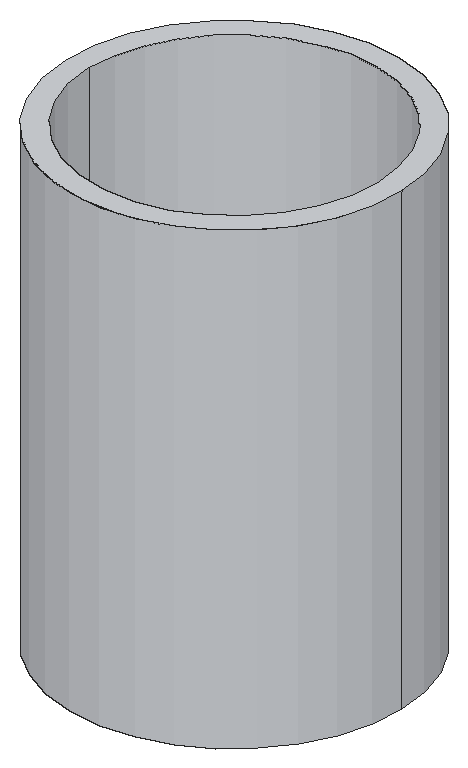
Revit family "Überwurfmuffe", category HLS-Bauteile, Revit 2017
Family settings
  Bemaßung runder Anschluss = Durchmesser verwenden
  Teiletyp = Normal
  Arbeitsebenenbasiert = Nein
  Immer vertikal = Nein
  Beim Laden mit Abzugskörper schneiden = Nein
  Gemeinsam genutzt = Ja
  Raumberechnungspunkt = Nein
Parameters (values of type "Überwurfmuffe M 8/ 1/2"")
  vpe = "50 St"
  passend für = ""
  für Stufenmutter = ""
  d1 = 6.5 mm
  Schlüsselweite = ""
  Regelhalter [instance] = ""
  Oberflaeche = "galvanisch verzinkt"
  Mengeneinheit = "St"
  Material = "Stahl"
  Länge Innengewinde 2 = "15 mm"
  Länge Innengewinde 1 = "6 mm"
  Länge Außengewinde = " mm"
  Länge = 36 mm
  L2 = 16 mm
  L1 = 20 mm
  Kurztext2 = "Innengew. M8 Innengew. 1/2'' L=36 mm"
  Kurztext1 = "Überwurfmuffe rund"
  Innengewinde 2 = "1/2''"
  Innengewinde 1 = "M8"
  Gewicht pro Bauteil = Gewicht  # 0.0786 kg
  Gewicht = 0.0786 kg
  Firma = "MEFA Befestigungs- und Montagesysteme GmbH"
  Fabrikat = "MEFA"
  EAN = "4250928415134"
  D0 = 22.5 mm
  D = 26 mm
  Außengewinde = ""
  Artikelnummer = "0590304"
Types (3, lengths in mm): name | d1 | Kurztext2 | Innengewinde 1 | Gewicht pro Bauteil | Gewicht | EAN | Artikelnummer
  (no name) | 6.5 | "Innengew. M8 Innengew. 1/2'' L=36 mm" | "M8" | 0.0786 kg | 0.0786 kg | "4250928415134" | "0590304"
  Überwurfmuffe M 8/ 1/2" | 6.5 | "Innengew. M8 Innengew. 1/2'' L=36 mm" | "M8" | 0.0786 kg | 0.0786 kg | "4250928415134" | "0590304"
  Überwurfmuffe M10/ 1/2" | 8.2 | "Innengew. M10 Innengew. 1/2'' L=36 mm" | "M10" | 0.0776 kg | 0.0776 kg | "4250928415141" | "0590401"
Reference planes
  plane 1 "Mitte (Vorne/hinten)": y = 0
  plane 2: z = 0
  plane 3 "Mitte (Links/rechts)": x = 0
  plane 4: z = 36
  plane 5: z = 16
Forms (mm)
  Extrusion 1, solid
    sketch origin (0, 0, 0) x (1, 0, 0) y (0, 1, 0)
      loop
        circle (0, 0) r 13
    from 0 to 36
  Extrusion 2, void
    sketch origin (0, 0, 0) x (1, 0, 0) y (0, 1, 0)
      loop
        circle (0, 0) r 11.25
    from 16 to 36
  Extrusion 3, void
    sketch origin (0, 0, 0) x (1, 0, 0) y (0, 1, 0)
      loop
        circle (0, 0) r 3.25
    from 0 to 16
Cuts and joins
  Extrusion 2, Extrusion 3 cuts Extrusion 1
Lines and regions (mm)
  model lines, not visible
    curve 1: line (15, 0, 36) -> (-15, 0, 36)
    curve 2: line (0, 15, 36) -> (0, -15, 36)
    curve 3: line (0, 15.717, 0) -> (0, -14.283, 0)
    curve 4: line (15.049, 0, 0) -> (-14.951, 0, 0)
    curve 5: line (0, 0, 51) -> (0, 0, -10)
Dimensions and locks
  "Länge": level to plane 4
  "L1": plane 5 to plane 4
  "D": diameter of Extrusion 1 sketch curve
  "D0": diameter of Extrusion 2 sketch curve
  "d1": diameter of Extrusion 3 sketch curve
  aligned and locked: level to plane 2
  aligned and locked: Extrusion 1 to level
  aligned and locked: plane 4 to Extrusion 1
  aligned and locked: curve 2 to plane 4
  aligned and locked: curve 3 to level
  aligned and locked: Extrusion 1 to Extrusion 2
  aligned and locked: plane 4 to cut or joined group of Extrusion 1, Extrusion 2, Extrusion 3  (x2)
  aligned and locked: Extrusion 2 to plane 5
  aligned and locked: cut or joined group of Extrusion 1, Extrusion 2, Extrusion 3 to level
  aligned and locked: cut or joined group of Extrusion 1, Extrusion 2, Extrusion 3 to plane 5
  aligned and locked: Extrusion 3 to Extrusion 2
Automatic sketch dimensions
  plane 1 "Mitte (Vorne/hinten)" to curve 2 = 15 mm
  plane 1 "Mitte (Vorne/hinten)" to curve 3 = 14.283 mm
  curve 3 to plane 1 "Mitte (Vorne/hinten)" = 15.717 mm
  curve 2 to plane 1 "Mitte (Vorne/hinten)" = 15 mm
  curve 1 to plane 3 "Mitte (Links/rechts)" = 15 mm
  curve 4 to plane 3 "Mitte (Links/rechts)" = 14.951 mm
  plane 3 "Mitte (Links/rechts)" to curve 4 = 15.049 mm
  plane 3 "Mitte (Links/rechts)" to curve 1 = 15 mm
  curve 5 to level = 10 mm
  plane 4 to curve 5 = 15 mm
  curve 4 to level = 0 mm
  curve 5 to plane 3 "Mitte (Links/rechts)" = 0 mm
  curve 1 to plane 4 = 0 mm
  plane 1 "Mitte (Vorne/hinten)" to Extrusion 1 sketch curve = 0 mm
  Extrusion 1 sketch curve to plane 3 "Mitte (Links/rechts)" = 0 mm
  plane 1 "Mitte (Vorne/hinten)" to Extrusion 2 sketch curve = 0 mm
  Extrusion 2 sketch curve to plane 3 "Mitte (Links/rechts)" = 0 mm
  plane 1 "Mitte (Vorne/hinten)" to Extrusion 3 sketch curve = 0 mm
  Extrusion 3 sketch curve to plane 3 "Mitte (Links/rechts)" = 0 mm
